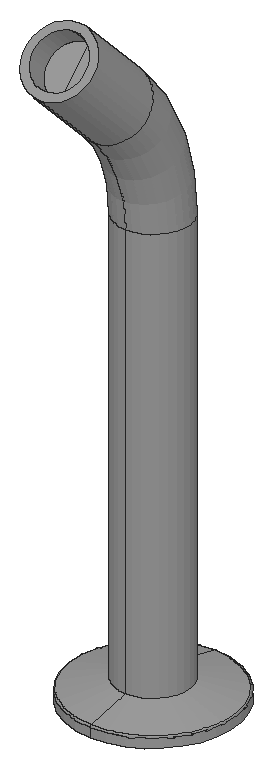
Revit family "Faucet-Wall_Mount-Bath_Spout-KOHLER-COMPONENTS-K-77999T", category Plumbing Fixtures, host Face, Revit 2017
Family settings
  Host = Face
  Round Connector Dimension = Use Diameter
  Part Type = Normal
  OmniClass Number = 23.31.11.00
  OmniClass Title = Faucets
  Cut with Voids When Loaded = No
  Shared = No
  Room Calculation Point = No
Parameters (values of type "Not A Type-See Type Catalog")
  Width = 2 93/256"  # constant formula
  WaterSense Certified = 1 = 0  # no
  Waste Water Outlet = "Waste Water Outlet"  # constant formula
  Waste Connection = 1 = 0  # no
  Vent Connection = 1 = 0  # no
  URL = "http://www.kohler.com.cn/"
  Type = 1
  Tempered Water Inlet = "Tempered Water Inlet"  # constant formula
  Spout Reach = 9 115/256"  # constant formula
  Product Page URL = "https://www.kohler.com.cn/product/K-77999T/K-77999T-CP/"
  Product Name = "COMPONENTS"  # constant formula
  Product Documentation Link = "https://files.kohler.com.cn/pdfs/1535615328503_77999T-CP.pdf"
  Pressure = 0.00 psi
  Model = if(Type = 1, "K-77999T-CP", if(Type = 2, "K-77999T-AF", if(Type = 3, "K-77999T-BN", if(Type = 4, "K-77999T-RGD", if(Type = 5, "K-77999T-SN", if(Type = 6, "K-77999T-TT", if(Type = 7, "K-77999T-2BL", if(Type = 8, "K-77999T-2MB", "NA"))))))))  # "K-77999T-CP"
  Material = "Premium Metal Construction"  # constant formula
  Master Format 2014 Name = "Residential Faucets, Supplies, and Trim"  # constant formula
  Master Format 2014 = "22 41 39"  # constant formula
  Manufacturer Address = "Kohler Beijing Office (100016) 36-2-03-B, No. 88, Liuxiang Road, Beijing"  # constant formula
  Manufacturer = "KOHLER Co."  # constant formula
  Length = Spout Reach  # 9 115/256"
  Hot Water Inlet = "Hot Water Inlet"  # constant formula
  Height = 2 61/64"  # constant formula
  HW Connection = 1 = 1  # yes
  Flow Rate = 0 GPM
  Finish = Default
  Environmental Product Declaration = ""
  Drain Included = 1 = 0  # no
  Description = "Bathtub outlet"  # constant formula
  Default Elevation = 36"
  Declare Label = ""
  Date Modified = "10/16/2020"  # constant formula
  Date Created = "10/16/2020"  # constant formula
  Copyright = "Copyright KOHLER Co."  # constant formula
  Contact Us = "http://www.kohler.com.cn/contact/contact-us/"
  Cold Water Inlet = "Cold Water Inlet"  # constant formula
  CW Connection = 1 = 0  # no
  Assembly Code = "D2010"
  ADA Compliant = 1 = 0  # no
Reference planes (in)
  plane 1 "Center (Front/Back)": y = 0
  plane 2: z = 0
  plane 3 "Center (Left/Right)": x = 0
  plane 4: x = -1.1811
  plane 5: x = 1.18218
  plane 6: y = 1.18147
  plane 7: y = -1.18073
  plane 8: y = -1.77165
  plane 9: z = 0.31389
  plane 10: z = 9.44922
Dimensions and locks (in)
  "Width": plane 4 to plane 5
  "Height": plane 6 to plane 8
  locked: plane 6 to plane 7 at 2.3622
  "Spout Reach": plane 10 to plane 2
  locked: plane 1 "Center (Front/Back)" to plane 8 at 1.77165
  aligned and locked: host face to plane 2
  aligned and locked: host face to level
Automatic sketch dimensions
  host sketch curve to host sketch curve = 96"  (x2)
Nested families (in)
  nested 1: "K-77999T" at (0, 0, 0), type "K-77999T"
Connectors (in)
  piping at (0, 0, 0), diameter 0.5, driven by "HW Connection", driven by "Tempered Water Inlet"
    settings: on nested 1, index 1, connector inside diameter 24", connector length 0", flow factor 0, pipe flow 0 GPM, pressure drop 0.00 psi, fitting loss kfactor 0, connector angle 0.00°, fixture units 0, engagement length 0", angle of deflection 0.00°, flow configuration 0, flow direction 1, fitting loss method 0, system type 19, joint type 0, gender type 0, connector reference index -1, connector utility 1, adjustable connector no, is connector primary yes, connector description "Tempered Water Inlet"
Definition of nested family "K-77999T"
  Parameters (values of type "K-77999T")
    Material = none
  Reference planes (in)
    plane 1 "Center (Front/Back)": y = 0
    plane 2: z = 0
    plane 3 "Center (Left/Right)": x = 0
    plane 4: y = 1.1811
    plane 5: x = -1.1811
    plane 6: y = -1.1811
    plane 7: x = 1.1811
    plane 8: z = 0.31389
    plane 9: y = -1.77165
    plane 10: z = 9.44882
  Forms (in)
    Revolve 1, solid, material <- "Material", detail levels medium+fine
      sketch origin (0, 0, 0) x (0, 1, 0) y (0, 0, 1)
        loop
          line (0, 0.31389) -> (-0.52387, 0.31389) -> (-1.16178, 0.1622)
          arc (-1.16178, 0.1622) -> (-1.17569, 0.15333) -> (-1.1811, 0.13775) r 0.02513
          line (-1.1811, 0.13775) -> (-1.1811, 0) -> (0, 0) -> (0, 0.31389)
        axis (0, 0.31389) -> (0, 0)
      angle from 0 to 360
    Sweep 2, solid, material <- "Material", detail levels medium+fine
      path origin (0, 0, 0) x (0, 1, 0) y (0, 0, 1)
        loop
          line (0, 0.31389) -> (0, 6.61717)
          arc (0, 6.61717) -> (-0.1948, 7.59648) -> (-0.74953, 8.4267) r 2.55906
          line (-0.74953, 8.4267) -> (-1.77165, 9.44882)
      profile origin (0, 0, 3.46553) x (0, -1, 0) y (1, 0, 0)
        loop
          circle (0, 0) r 0.52387
    Revolve 3, void
      sketch origin (0, 0, 0) x (0, 1, 0) y (0, 0, 1)
        loop
          line (-1.88267, 9.55983) -> (-1.50355, 9.18072) -> (-1.21957, 9.4647) -> (-1.59869, 9.84382) -> (-1.88267, 9.55983)
        axis (-1.50355, 9.18072) -> (-1.88267, 9.55983)
      angle from 0 to 360
    Extrusion 4, solid, material <- "Material", detail levels coarse
      sketch origin (0, 0, 0) x (1, 0, 0) y (0, 1, 0)
        loop
          circle (0, 0) r 1.1811
      from 0 to 0.31389
    Sweep 5, solid, material <- "Material", detail levels coarse
      path origin (0, 0, 0) x (0, 1, 0) y (0, 0, 1)
        loop
          line (0, 0.31389) -> (0, 7.67717) -> (-1.77165, 9.44882)
      profile origin (0, 0, 3.99553) x (0, -1, 0) y (1, 0, 0)
        loop
          circle (0, 0) r 0.52387
  Cuts and joins
    Revolve 3 cuts Sweep 2
    joined: Revolve 1, Sweep 2
    joined: Extrusion 4, Sweep 5
  Lines and regions (in)
    Masking region 1
      outline origin (0, 0, 0) x (1, 0, 0) y (0, 1, 0)
        loop
          arc (0.52387, -1.05856) -> (0, 1.1811) -> (-0.52387, -1.05856) r 1.1811
          line (-0.52387, -1.05856) -> (-0.52387, -1.77165)
          spline (-0.52387, -1.77165) -> (-0.51939, -1.82) -> (-0.50602, -1.86753) -> (-0.484, -1.91341) -> (-0.45369, -1.95687) -> (-0.41562, -1.99716) -> (-0.37043, -2.03359) -> (-0.31891, -2.06554) -> (-0.26194, -2.09246) -> (-0.20048, -2.11389) -> (-0.13559, -2.12947) -> (-0.06838, -2.13892) -> (0, -2.14209)
          spline (0, -2.14209) -> (0.06838, -2.13892) -> (0.13559, -2.12947) -> (0.20048, -2.11389) -> (0.26194, -2.09246) -> (0.31891, -2.06554) -> (0.37043, -2.03359) -> (0.41562, -1.99716) -> (0.45369, -1.95687) -> (0.484, -1.91341) -> (0.50602, -1.86753) -> (0.51939, -1.82) -> (0.52387, -1.77165)
          line (0.52387, -1.77165) -> (0.52387, -1.05856)
    Masking region 2
      outline origin (0, 0, 0) x (0, 1, 0) y (0, 0, 1)
        loop
          line (1.1811, 0) -> (1.1811, 0.13487)
          arc (1.1811, 0.13487) -> (1.175, 0.15245) -> (1.15932, 0.16246) r 0.02836
          line (1.15932, 0.16246) -> (0.52387, 0.31389) -> (0.52387, 6.58955)
          arc (0.52387, 6.58955) -> (0.28412, 7.79485) -> (-0.39862, 8.81666) r 3.14961
          line (-0.39862, 8.81666) -> (-1.40122, 9.81925) -> (-2.14209, 9.07838) -> (-1.13004, 8.06634)
          arc (-1.13004, 8.06634) -> (-0.68141, 7.39492) -> (-0.52387, 6.60292) r 2.06959
          line (-0.52387, 6.60292) -> (-0.52387, 0.31389) -> (-1.15932, 0.16246)
          arc (-1.15932, 0.16246) -> (-1.175, 0.15245) -> (-1.1811, 0.13487) r 0.02836
          line (-1.1811, 0.13487) -> (-1.1811, 0) -> (1.1811, 0)
    Masking region 3
      outline origin (0, 0, 0) x (1, 0, 0) y (0, 0, 1)
        loop
          line (1.1811, 0) -> (1.1811, 0.13487)
          arc (1.1811, 0.13487) -> (1.175, 0.15245) -> (1.15932, 0.16246) r 0.02836
          line (1.15932, 0.16246) -> (0.52387, 0.31389) -> (0.52387, 9.44882)
          spline (0.52387, 9.44882) -> (0.51939, 9.49717) -> (0.50602, 9.54469) -> (0.484, 9.59058) -> (0.45369, 9.63404) -> (0.41562, 9.67433) -> (0.37043, 9.71076) -> (0.31891, 9.7427) -> (0.26194, 9.76962) -> (0.20048, 9.79106) -> (0.13559, 9.80663) -> (0.06838, 9.81608) -> (0, 9.81925)
          spline (0, 9.81925) -> (-0.06838, 9.81608) -> (-0.13559, 9.80663) -> (-0.20048, 9.79106) -> (-0.26194, 9.76962) -> (-0.31891, 9.7427) -> (-0.37043, 9.71076) -> (-0.41562, 9.67433) -> (-0.45369, 9.63404) -> (-0.484, 9.59058) -> (-0.50602, 9.54469) -> (-0.51939, 9.49717) -> (-0.52387, 9.44882)
          line (-0.52387, 9.44882) -> (-0.52387, 0.31389) -> (-1.15932, 0.16246)
          arc (-1.15932, 0.16246) -> (-1.175, 0.15245) -> (-1.1811, 0.13487) r 0.02836
          line (-1.1811, 0.13487) -> (-1.1811, 0) -> (1.1811, 0)
    symbolic lines, detail levels medium+fine
      curve 1: line (-0.52387, -1.05856, 0) -> (-0.52387, 0, 0)
      curve 2: line (0.52387, -1.05856, 0) -> (0.52387, 0, 0)
      curve 3: arc (-0.52387, 0, 0) -> (0, 0.52387, 0) -> (0.52387, 0, 0) r 0.52387
      curve 4: spline (0, -1.40122, 0) -> (-0.06838, -1.40439, 0) -> (-0.13559, -1.41384, 0) -> (-0.20048, -1.42942, 0) -> (-0.26194, -1.45085, 0) -> (-0.31891, -1.47777, 0) -> (-0.37043, -1.50972, 0) -> (-0.41562, -1.54615, 0) -> (-0.45369, -1.58644, 0) -> (-0.484, -1.62989, 0) -> (-0.50602, -1.67578, 0) -> (-0.51939, -1.7233, 0) -> (-0.52387, -1.77165, 0)
      curve 5: spline (0, -1.40122, 0) -> (0.06838, -1.40439, 0) -> (0.13559, -1.41384, 0) -> (0.20048, -1.42942, 0) -> (0.26194, -1.45085, 0) -> (0.31891, -1.47777, 0) -> (0.37043, -1.50972, 0) -> (0.41562, -1.54615, 0) -> (0.45369, -1.58644, 0) -> (0.484, -1.62989, 0) -> (0.50602, -1.67578, 0) -> (0.51939, -1.7233, 0) -> (0.52387, -1.77165, 0)
      curve 6: spline (0, -2.05564, 0) -> (-0.10395, -2.04596, 0) -> (-0.20081, -2.01759, 0) -> (-0.28398, -1.97246, 0) -> (-0.34781, -1.91365, 0) -> (-0.38793, -1.84515, 0) -> (-0.40161, -1.77165, 0) -> (-0.38793, -1.69815, 0) -> (-0.34781, -1.62966, 0) -> (-0.28398, -1.57085, 0) -> (-0.20081, -1.52572, 0) -> (-0.10395, -1.49735, 0) -> (0, -1.48767, 0)
      curve 7: spline (0, -1.48767, 0) -> (0.10395, -1.49735, 0) -> (0.20081, -1.52572, 0) -> (0.28398, -1.57085, 0) -> (0.34781, -1.62966, 0) -> (0.38793, -1.69815, 0) -> (0.40161, -1.77165, 0) -> (0.38793, -1.84515, 0) -> (0.34781, -1.91365, 0) -> (0.28398, -1.97246, 0) -> (0.20081, -2.01759, 0) -> (0.10395, -2.04596, 0) -> (0, -2.05564, 0)
      curve 8: spline (0, -1.78754, 0) -> (0.03612, -1.78639, 0) -> (0.07195, -1.78294, 0) -> (0.1072, -1.77723, 0) -> (0.14158, -1.76931, 0) -> (0.1748, -1.75923, 0) -> (0.20662, -1.74707, 0) -> (0.23676, -1.73294, 0) -> (0.26497, -1.71696, 0) -> (0.29104, -1.69924, 0) -> (0.31476, -1.67994, 0) -> (0.33592, -1.6592, 0) -> (0.35435, -1.63721, 0)
      curve 9: spline (0, -1.78754, 0) -> (-0.03612, -1.78639, 0) -> (-0.07195, -1.78294, 0) -> (-0.1072, -1.77723, 0) -> (-0.14158, -1.76931, 0) -> (-0.1748, -1.75923, 0) -> (-0.20662, -1.74707, 0) -> (-0.23676, -1.73294, 0) -> (-0.26497, -1.71696, 0) -> (-0.29104, -1.69924, 0) -> (-0.31476, -1.67994, 0) -> (-0.33592, -1.6592, 0) -> (-0.35435, -1.63721, 0)
      curve 10: arc (0.52387, -1.01445, 0) -> (0, 1.14173, 0) -> (-0.52387, -1.01445, 0) r 1.14173
      curve 11: line (0, 1.15932, 0.16246) -> (0, -1.15932, 0.16246)
      curve 12: line (0, 0.52387, 0.31389) -> (0, -0.52387, 0.31389)
      curve 13: line (1.15932, 0, 0.16246) -> (-1.15932, 0, 0.16246)
      curve 14: line (0.52387, 0, 0.31389) -> (-0.52387, 0, 0.31389)
  Dimensions and locks (in)
    locked: plane 4 to plane 6 at 2.3622
    locked: plane 5 to plane 7 at 2.3622
    plane 10 to plane 2 = 9.44882"
    locked: plane 1 "Center (Front/Back)" to plane 9 at 1.77165
    aligned and locked: plane 2 to level
Types in the file's own list only (8): name | Width | Type | Spout Reach | Product Page URL | Model | Length | Height | Finish
  CP-Polished Chrome | 2 3/8" | 1 | 9 7/16" | "https://www.kohler.com.cn/product/K-77999T/K-77999T-CP/" | "K-77999T-CP" | 9 7/16" | 2 15/16" | Kohler-Metal-CP-Polished_Chrome
  AF-Flange Gold | 2 3/8" | 2 | 9 7/16" | "https://www.kohler.com.cn/product/K-77999T/K-77999T-AF/" | "K-77999T-AF" | 9 7/16" | 2 15/16" | Kohler-Metal-AF-Flange_Gold
  BN-Roman Silver | 2 3/8" | 3 | 9 7/16" | "https://www.kohler.com.cn/product/K-77999T/K-77999T-BN/" | "K-77999T-BN" | 9 7/16" | 2 15/16" | Kohler-Metal-BN-Roman_Silver
  RGD-Rose Gold | 2 3/8" | 4 | 9 7/16" | "https://www.kohler.com.cn/product/K-77999T/K-77999T-RGD/" | "K-77999T-RGD" | 9 7/16" | 2 15/16" | Kohler-Metal-RGD-Rose_Gold
  SN-Champagne Gold | 2 3/8" | 5 | 9 7/16" | "https://www.kohler.com.cn/product/K-77999T/K-77999T-SN/" | "K-77999T-SN" | 9 7/16" | 2 15/16" | Kohler-Metal-SN-Champagne_Gold
  TT-Titanium Silver | 2 3/8" | 6 | 9 7/16" | "https://www.kohler.com.cn/product/K-77999T/K-77999T-TT/" | "K-77999T-TT" | 9 7/16" | 2 15/16" | Kohler-Metal-TT-Titanium_Silver
  2BL-Original Black | 2 3/8" | 7 | 9 7/16" | "https://www.kohler.com.cn/product/K-77999T/K-77999T-2BL/" | "K-77999T-2BL" | 9 7/16" | 2 15/16" | Kohler-Metal-2BL-Original_Black
  2MB-Vibrant Brushed Moderne Brass | 2 3/8" | 8 | 9 7/16" | "https://www.kohler.com.cn/product/K-77999T/K-77999T-2MB/" | "K-77999T-2MB" | 9 7/16" | 2 15/16" | Kohler-Metal-2MB-Vibrant_Brushed_Moderne_Brass
